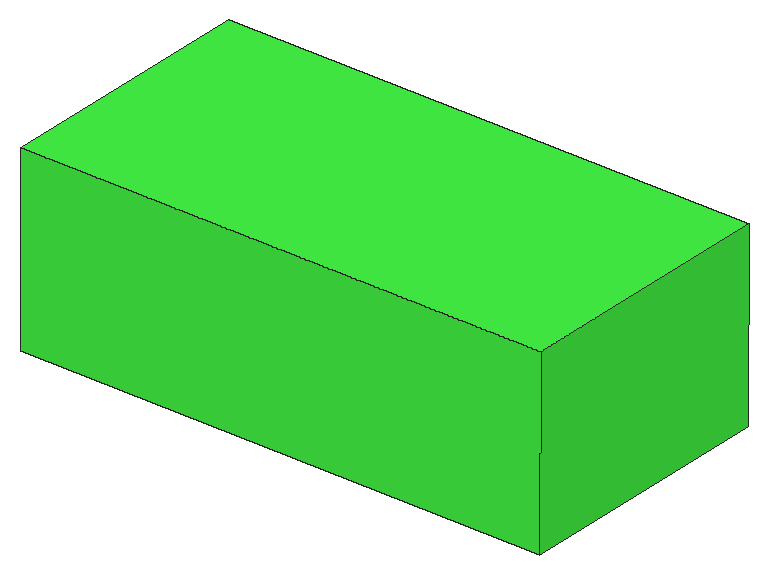
Revit family "Задание_Стена_Прямоугольник_БезОсновы", category Окна, Revit 2019
Family settings
  На основе рабочей плоскости = Нет
  Всегда вертикально = Да
  При загрузке вырезать с полостями = Да
  Общий = Нет
  Точка расчета площади = Нет
Parameters (values of type "Задание_Стена_Прямоугольное")
  Width = 0 mm  # constant formula
  Согласованно [instance] = not(Несогласованно)  # yes
  Размер обозначения [instance] = if(Отверстие_Ширина > Отверстие_Высота, Отверстие_Ширина / 5, Отверстие_Высота / 5)  # 80 mm
  Rough Width = 0 mm  # constant formula
  Rough Height = 0 mm  # constant formula
  Позиция [instance] = ""
  Отверстие_Ширина [instance] = 400 mm
  Отверстие_Отметка этажа [instance] = 0 mm
  Отверстие_Отметка от этажа [instance] = 0 mm
  Отверстие_Отметка от нуля [instance] = (Отверстие_Отметка от этажа + Отверстие_Отметка этажа)  # 0 mm
  Отверстие_Дисциплина [instance] = ""
  Отверстие_Дата [instance] = ""
  Отверстие_Глубина [instance] = 200 mm
  Отверстие_Высота [instance] = 140 mm
  Отверстие = yes
  Несогласованно [instance] = no
  Материал стены [instance] = ""
  Люк = not(Отверстие)  # no
  Коллизии [instance] = ""
  Инструкция [instance] = "https://docs.google.com/document/d/1dWthfLxqsksj-u4klXlJBslAAIWb7P7Y/edit"
  Группа модели = "Задание"  # constant formula
  Height = 0 mm  # constant formula
  Видимость_вверх [instance] = 2400 mm
  Аналитическая конструкция = "<Нет>"
  Y [instance] = 0
  X [instance] = 0
Reference planes
  plane 1 "По центру (Вперед/Назад)": y = -50
  plane 2: z = 0
  plane 3 "По центру (Влево/Вправо)": x = -50
  plane 4: y = 50
  plane 5: x = 150
  plane 6: x = -250
  plane 7: y = -150
  plane 8: z = 0
  plane 9 "Корректировка": z = 2400
Forms (mm)
  Extrusion 1, void
    sketch origin (0, 179.066, 0) x (0, 1, 0) y (-1, 0, 0)
      loop
        line (-129.066, 250) -> (-329.066, 250) -> (-329.066, -150) -> (-129.066, -150) -> (-129.066, 250)
    from 0 to 140 <- "Отверстие_Высота"
  Extrusion 2, solid, material "Согласованное_Отверстие", visible <- "Согласованно"
    sketch origin (-249.666, -150, 1200) x (-1, 0, 0) y (0, 0, -1)
      loop
        line (-399.666, 1060) -> (0.334, 1060) -> (0.334, 1200) -> (-399.666, 1200) -> (-399.666, 1060)
    from 0 to -200
  Extrusion 3, solid, material "Не Соглас_Отверстие", visible <- "Несогласованно"
    sketch origin (-249.666, -150, 1200) x (-1, 0, 0) y (0, 0, -1)
      loop
        line (-399.666, 1060) -> (0, 1060) -> (0, 1200) -> (-399.666, 1200) -> (-399.666, 1060)
    from 0 to -200
Lines and regions (mm)
  model lines, detail levels coarse
    curve 1: line (-50, -50, 0) -> (-50, -50, 2400)
  model lines
    curve 2: line (-250, -150, 140) -> (150, -150, 140)
    curve 3: line (-250, -150, 0) -> (-250, -150, 140)
    curve 4: line (150, -150, 0) -> (-250, -150, 0)
    curve 5: line (150, -150, 140) -> (150, -150, 0)
  model lines, style "InvisibleLines"
    curve 6: line (165.345, -28.125, 0) -> (199.095, 28.125, 0)
    curve 7: line (165.345, 28.125, 0) -> (199.095, -28.125, 0)
    curve 8: line (255.345, 0, 0) -> (199.095, 0, 0)
    curve 9: line (255.345, 0, 0) -> (240.512, -5.399, 0)
    curve 10: line (255.345, 0, 0) -> (240.512, 5.399, 0)
    curve 11: line (199.095, 0, 0) -> (213.928, -5.399, 0)
    curve 12: line (199.095, 0, 0) -> (213.928, 5.399, 0)
    curve 27: line (-250, -50, 0) -> (150, -50, 0)
    curve 28: line (-50, 50, 0) -> (-50, -150, 0)
    curve 29: line (-86, 94.938, 0) -> (-68, 124.938, 0)
    curve 30: line (-104, 124.938, 0) -> (-86, 94.938, 0)
    curve 31: line (-50, 124.938, 0) -> (-50, 64.938, 0)
    curve 32: line (-50, 124.938, 0) -> (-44.241, 109.116, 0)
    curve 33: line (-50, 124.938, 0) -> (-55.759, 109.116, 0)
    curve 34: line (-50, 64.938, 0) -> (-44.241, 80.76, 0)
    curve 35: line (-50, 64.938, 0) -> (-55.759, 80.76, 0)
    curve 36: line (-86, 94.938, 0) -> (-86, 64.938, 0)
    curve 54: line (170.095, -150, 170) -> (270.095, -150, 170)
    curve 55: line (270.095, -150, 170) -> (170.095, -150, 30)
    curve 56: line (170.095, -150, 30) -> (270.095, -150, 30)
    curve 57: line (351, -150, 170) -> (351, -150, 30)
    curve 58: line (351, -150, 170) -> (389.891, -150, 131.109)
    curve 59: line (351, -150, 170) -> (312.109, -150, 131.109)
    curve 60: line (351, -150, 30) -> (389.891, -150, 68.891)
    curve 61: line (351, -150, 30) -> (312.109, -150, 68.891)
  model lines, style "InvisibleLines", not visible
    curve 13: line (28.629, 15.438, 0) -> (43.629, 40.438, 0)
    curve 14: line (28.629, 40.438, 0) -> (43.629, 15.438, 0)
    curve 15: line (68.629, 27.938, 0) -> (43.629, 27.938, 0)
    curve 16: line (68.629, 27.938, 0) -> (62.036, 25.539, 0)
    curve 17: line (68.629, 27.938, 0) -> (62.036, 30.337, 0)
    curve 18: line (43.629, 27.938, 0) -> (50.221, 25.539, 0)
    curve 19: line (43.629, 27.938, 0) -> (50.221, 30.337, 0)
    curve 20: line (190.345, 15.562, 0) -> (224.095, 71.812, 0)
    curve 21: line (190.345, 71.812, 0) -> (224.095, 15.562, 0)
    curve 22: line (280.345, 43.687, 0) -> (224.095, 43.687, 0)
    curve 23: line (280.345, 43.687, 0) -> (265.512, 38.288, 0)
    curve 24: line (280.345, 43.687, 0) -> (265.512, 49.086, 0)
    curve 25: line (224.095, 43.687, 0) -> (238.928, 38.288, 0)
    curve 26: line (224.095, 43.687, 0) -> (238.928, 49.086, 0)
    curve 37: line (317.866, -74.537, 0) -> (325.366, -62.037, 0)
    curve 38: line (310.366, -62.037, 0) -> (317.866, -74.537, 0)
    curve 39: line (332.866, -62.037, 0) -> (332.866, -87.037, 0)
    curve 40: line (332.866, -62.037, 0) -> (335.266, -68.63, 0)
    curve 41: line (332.866, -62.037, 0) -> (330.467, -68.63, 0)
    curve 42: line (332.866, -87.037, 0) -> (335.266, -80.445, 0)
    curve 43: line (332.866, -87.037, 0) -> (330.467, -80.445, 0)
    curve 44: line (317.866, -74.537, 0) -> (317.866, -87.037, 0)
    curve 45: line (-79.309, 180.938, 0) -> (-61.309, 210.938, 0)
    curve 46: line (-97.309, 210.938, 0) -> (-79.309, 180.938, 0)
    curve 47: line (-43.309, 210.938, 0) -> (-43.309, 150.938, 0)
    curve 48: line (-43.309, 210.938, 0) -> (-37.55, 195.116, 0)
    curve 49: line (-43.309, 210.938, 0) -> (-49.068, 195.116, 0)
    curve 50: line (-43.309, 150.938, 0) -> (-37.55, 166.76, 0)
    curve 51: line (-43.309, 150.938, 0) -> (-49.068, 166.76, 0)
    curve 52: line (-79.309, 180.938, 0) -> (-79.309, 150.938, 0)
    curve 62: line (199.095, -150, 170) -> (299.095, -150, 170)
    curve 63: line (299.095, -150, 170) -> (199.095, -150, 30)
    curve 64: line (199.095, -150, 30) -> (299.095, -150, 30)
    curve 65: line (380, -150, 170) -> (380, -150, 30)
    curve 66: line (380, -150, 170) -> (418.891, -150, 131.109)
    curve 67: line (380, -150, 170) -> (341.109, -150, 131.109)
    curve 68: line (380, -150, 30) -> (418.891, -150, 68.891)
    curve 69: line (380, -150, 30) -> (341.109, -150, 68.891)
  model lines, visible <- "Люк"
    curve 53: line (150, -150, 0) -> (-236.37, -253.528, 0)
Dimensions and locks
  "Отверстие_Ширина": plane 6 to plane 5
  "Отверстие_Глубина": plane 7 to plane 4
  equal spacing: plane 6, plane 3 "По центру (Влево/Вправо)", plane 5
  equal spacing: plane 4, plane 1 "По центру (Вперед/Назад)", plane 7
  "Видимость_вверх": plane 9 "Корректировка" to level
  locked: plane 5 to curve 7 at 15.345
  locked: nested 1 to curve 35 at 14.938
  "Отверстие_Ширина": curve 53 to curve 53
  locked: curve 54 to Extrusion 2 at 20.095
  locked: curve 54 to Extrusion 2 at 30
  angle nested 1 to curve 53 = 15.00°
  aligned and locked: level to plane 2
  aligned and locked: Extrusion 1 sketch curve to plane 6
  aligned and locked: Extrusion 1 sketch curve to plane 5
  aligned and locked: nested 1 to plane 7
  aligned and locked: plane 6 to nested 1
  aligned and locked: nested 1 to plane 5
  aligned and locked: nested 1 to plane 4
  aligned and locked: curve 1 to plane 1 "По центру (Вперед/Назад)"
  aligned and locked: plane 9 "Корректировка" to curve 1
  aligned and locked: level to curve 1
  aligned and locked: plane 4 to Extrusion 2
  aligned and locked: plane 7 to Extrusion 1
  aligned and locked: plane 4 to Extrusion 1
  aligned and locked: curve 2 to Extrusion 1
  aligned and locked: curve 3 to Extrusion 1
  aligned and locked: curve 4 to Extrusion 1
  aligned and locked: curve 5 to Extrusion 1
  aligned and locked: plane 5 to Extrusion 2 sketch curve
  aligned and locked: Extrusion 2 sketch curve to level
  aligned and locked: plane 6 to Extrusion 2 sketch curve
  aligned and locked: Extrusion 2 sketch curve to Extrusion 1
  aligned and locked: Extrusion 1 to curve 28
  aligned and locked: curve 2 to curve 28
  aligned and locked: Extrusion 1 to curve 27  (x2)
  aligned and locked: nested 1 to curve 53
  aligned and locked: Extrusion 2 to plane 7
  aligned and locked: plane 4 to Extrusion 3
  aligned and locked: plane 5 to Extrusion 3
  aligned and locked: Extrusion 3 to plane 7
  aligned and locked: Extrusion 3 to Extrusion 1
Automatic sketch dimensions
  curve 1 to plane 1 "По центру (Вперед/Назад)" = 0 mm
  Extrusion 1 sketch curve to plane 7 = 0 mm
  Extrusion 1 sketch curve to plane 4 = 0 mm
  Extrusion 3 sketch curve to level = 0 mm
  plane 5 to Extrusion 3 sketch curve = 0 mm
  plane 6 to Extrusion 3 sketch curve = 0.334 mm
  Extrusion 3 sketch curve to level = 140 mm
  curve 28 to plane 3 "По центру (Влево/Вправо)" = 0 mm
  curve 53 to plane 5 = 0 mm
  plane 7 to curve 53 = 0 mm
  plane 1 "По центру (Вперед/Назад)" to curve 27 = 0 mm
  curve 53 to plane 6 = 13.63 mm
Nested families
  nested 1: "Заполнение (план)" at (-50, -150, 0), Красный <- "Несогласованно", type "Стандарт"
    with Черный yes, Красный no, Masking length 400 mm, Masking depth 200 mm
Definition of nested family "Заполнение (план)"
  Parameters (values of type "Красный")
    Черный [instance] = not(Красный)  # no
    Красный [instance] = yes
    Assembly Code = ""
    Masking length [instance] = 400 mm
    Masking depth [instance] = 300 mm
  Reference planes
    plane 1 "Break Line": y = 0
    plane 2: z = 0
    plane 3: x = -200
    plane 4: x = 200
    plane 5: y = 300
  Lines and regions (mm)
    Filled region 1, type "Черный", in view "Ground floor", visible <- "Черный"
      outline origin (0, 0, 0) x (1, 0, 0) y (0, 1, 0)
        loop
          line (-200, 0) -> (200, 0) -> (200, 300) -> (-200, 300) -> (-200, 0)
    Filled region 2, type "Красный", in view "Ground floor", visible <- "Красный"
      outline origin (0, 0, 0) x (1, 0, 0) y (0, 1, 0)
        loop
          line (-200, 0) -> (200, 0) -> (200, 300) -> (-200, 300) -> (-200, 0)
    detail lines, in view "Ground floor"
      curve 1: line (-200, 300, 0) -> (200, 0, 0)
      curve 2: line (-200, 0, 0) -> (200, 300, 0)
  Dimensions and locks
    "Masking depth": plane 1 "Break Line" to plane 5
    "Masking length": plane 3 to plane 4
    plane 3 to Filled region 2 = 400 mm
    aligned and locked: plane 3 to Filled region 1
    aligned and locked: plane 5 to Filled region 1 sketch curve
    aligned and locked: plane 1 "Break Line" to Filled region 1 sketch curve
    aligned and locked: plane 4 to Filled region 1 sketch curve
    aligned and locked: Filled region 1 sketch curve to plane 3
    aligned and locked: plane 5 to curve 1
    aligned and locked: plane 4 to curve 1
    aligned and locked: plane 3 to curve 2
    aligned and locked: plane 5 to curve 2
    aligned and locked: Filled region 2 to plane 4
    aligned and locked: Filled region 2 to plane 5
    aligned and locked: plane 3 to Filled region 2
    aligned and locked: plane 1 "Break Line" to Filled region 2
  Automatic sketch dimensions
    curve 1 to plane 3 = 0 mm
    curve 2 to plane 4 = 0 mm
    plane 1 "Break Line" to curve 1 = 0 mm
    plane 1 "Break Line" to curve 2 = 0 mm
    Filled region 2 sketch curve to plane 3 = 0 mm
    plane 4 to Filled region 2 sketch curve = 0 mm
    Filled region 2 sketch curve to plane 1 "Break Line" = 0 mm
    plane 5 to Filled region 2 sketch curve = 0 mm
